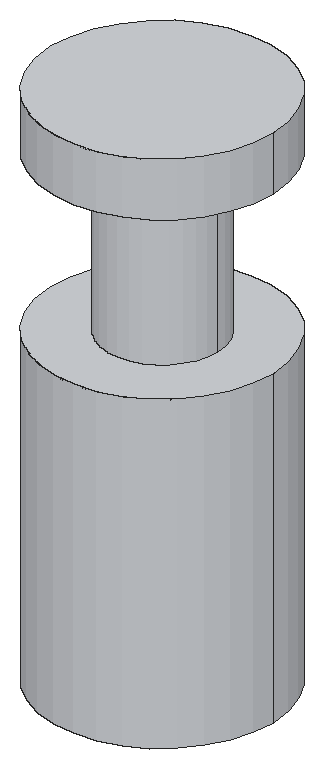
Revit family "IDP_Plumbing Fixtures_OUT347-TUNDISH DRAIN", category Plumbing Fixtures, Revit 2026
Family settings
  Round Connector Dimension = Use Diameter
  Part Type = Normal
  Work Plane-Based = No
  Enable Cutting in Views = Yes
  Always vertical = Yes
  Cut with Voids When Loaded = No
  Maintain Annotation Orientation = No
  Shared = Yes
  Room Calculation Point = No
Parameters (values of type "OUT347")
  WarrantyStartDate [instance] = ""
  WarrantyGuarantorParts = ""
  WarrantyGuarantorLabor = ""
  WarrantyDurationUnit = ""
  WarrantyDurationParts = ""
  WarrantyDurationLabor = ""
  WarrantyDescription = ""
  Uniclass2015_Pr = "Pr_65_52_61_91 : Tundishes"
  Uniclass2015Version = ""
  Uniclass2015Code = ""
  TagNumber [instance] = ""
  SustainabilityPerformance = ""
  Size = ""
  Shape = ""
  SerialNumber [instance] = ""
  SFG20 = ""
  ReplacementCost = ""
  NominalWidth = 0 mm
  NominalLength = 0 mm
  NominalHeight = 0 mm
  Name = ""
  NRM3 = ""
  NRM1 = ""
  ModelReference = ""
  ModelNumber = ""
  Material = ""
  InstallationDate [instance] = ""
  Grade = ""
  Finish = ""
  Features = ""
  ExpectedLife = ""
  DurationUnit = ""
  Description = "TUNDISH DRAIN"
  Default Elevation = 0 mm
  Constituents = ""
  Color = ""
  CodePerformance = ""
  Category = ""
  BarCode [instance] = ""
  AssetType = ""
  AssetIdentifier [instance] = ""
  AccessibilityPerformance = ""
  ADBWidth = 0 mm
  ADBWeight = 0
  ADBWaterServices = ""
  ADBVolume = 0
  ADBVoltage = 0
  ADBVentilationServices = ""
  ADBUserType2 = ""
  ADBUserType1 = ""
  ADBUserData5 = ""
  ADBUserData4 = ""
  ADBUserData3 = ""
  ADBUserData2 = ""
  ADBUserData1 = "R1"
  ADBTransferred [instance] = no
  ADBTransferCost = 0
  ADBSupplierType = ""
  ADBSupplierDescription = ""
  ADBSupplierCode = ""
  ADBSafetyClass = ""
  ADBProtectionType = ""
  ADBPower = 0
  ADBPhase = ""
  ADBPartNumber = ""
  ADBParent = ""
  ADBMountingHeight = 0 mm
  ADBModelType = ""
  ADBModelPrice = 0
  ADBModelName = ""
  ADBModelDescription = ""
  ADBModelCode = ""
  ADBMiscellaneousServices = ""
  ADBLength = 0 mm
  ADBLayer = ""
  ADBInstallerType = ""
  ADBHeight = 0 mm
  ADBGroup = "1"
  ADBGases = ""
  ADBFixingParameter = 0 mm
  ADBEarth = ""
  ADBDescription = "OUTLET, tundish, drain point"
  ADBDepth = 0 mm
  ADBDC = no
  ADBCost = 0
  ADBComponentLevel = ""
  ADBCode = "OUT347"
  ADBClassCode = ""
  ADBCabling = ""
  ADBBrandDescription = ""
  ADBBrandCode = ""
  ADBAlternateCode = ""
  ADBAC = no
Reference planes
  plane 1 "Center (Front/Back)": y = 0
  plane 2: z = 0
  plane 3 "Center (Left/Right)": x = 0
Forms (mm)
  Extrusion 1, solid
    sketch origin (0, 0, 0) x (1, 0, 0) y (0, 1, 0)
      loop
        circle (0, 0) r 10
    from 42.668 to 47.545
  Extrusion 2, solid
    sketch origin (0, 0, 0) x (1, 0, 0) y (0, 1, 0)
      loop
        circle (0, 0) r 5
    from 28.165 to 42.668
  Extrusion 3, solid
    sketch origin (0, 0, 0) x (1, 0, 0) y (0, 1, 0)
      loop
        circle (0, 0) r 10
    from 0 to 28.165
